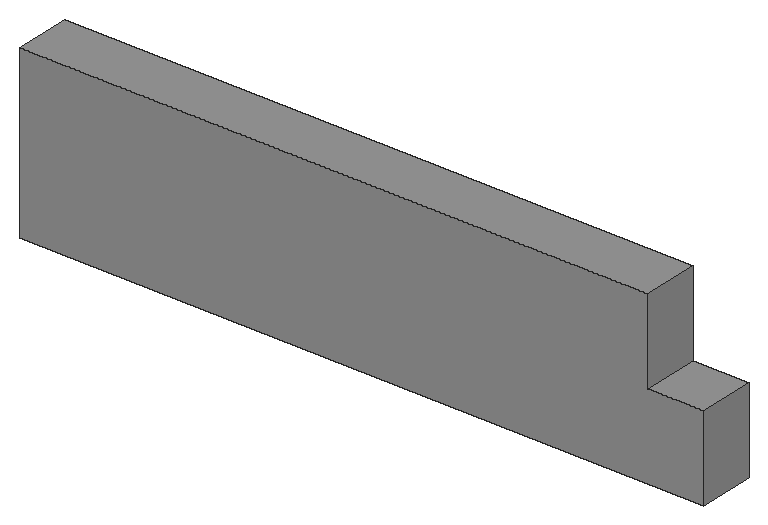
Revit family "1. Orient_PRecta_ESP", category Modelos genéricos, Revit 2015
Parameters (values of type "Stonepanel® SKY Orient")
  Ventajas de Stonepanel = "Eficaz: Instalación ágil y sencilla : 10 veces más rápido que la mampostería tradicional (Ritmo medio de colocación de 20 m2/día). Mayor rentabilidad gracias al menor desperdicio de material en obra y a la durabilidad de un producto natural frente a otros revestimientos. La colocación de los paneles no requiere mano de obra ni maquinaria especializada.\r\nSeguro: Un sistema de anclaje patentado, de acero inoxidable, que permite su instalación a más de 2 metros de altura. Base de cemento homogénea y rugosa que garantiza la adhesión y permite el corte sin desprendimiento.\r\nCalidad: Control permanente del proceso de producción desde la oficina I+D+I. Una cuidada selección de piedra natural realizada por los expertos de CUPASTONE. Disponibilidad de piezas especiales para adaptarse perfectamente a cada edificio: esquinas (macizas, rectas, dobles o para ventanas), cubremuros, y otros complementarios.\r\nEstética: Forma de “S” que evita la visión de las juntas para homogenizar el aspecto final. Gran variedad de paneles para elegir entre colores y acabados de piedra natural. La propia belleza y exclusividad de la piedra natural: Cada piedra es\r\núnica."
  Usos Indicados = "Revestimiento de Paredes exteriores e interiores en edificaciones nuevas o rehabilitaciones"
  Uniclass 2015 = "Pr_25_71_14_56 Natural stone panels"
  Uniclass 2 = "Pr_25_71_14_56 Natural stone panels"
  URL = "http://www.cupastone.es/producto/stonepanel-orient/"
  Sistema de anclaje = "Cinta perforada en acero inoxidable:\r\n- Naturaleza del acero: AISI 316 (1.4401) o AISI 304 (1.4301)\r\n- Espesor mínimo (mm) : 0,7\r\n- Ancho (mm) : 12 a 15\r\n- Diámetro del hueco (mm) : 6 ± 1\r\n\r\nTacos:\r\nLa elección de los tacos y clavijas de fijación debe ser realizada teniendo en cuenta la acción en depresión del viento (muros exteriores) y de la resistencia de los tacos en el soporte, en función de la naturaleza del soporte."
  Resistencia al fuego = "No combustible"
  Resistencia a la flexión = "-"
  Resistencia al hielo = "Sin alteraciones despues de 50 ciclos"
  Resistencia = "Buena resistencia"
  Peso = "6,5 kg"
  Oxidación = "No oxida"
  Otros datos de interés del producto = "Dispone de un anclaje para instalar a alturas superiores a 2 metros"
  Omniclass = "23-15 15 15 11"
  Número de serie = "SPZ-14R"
  NBS Reference = "45-25-45/380 Natural stone panels"
  Modelo = "Stonepanel® SKY Orient"
  Material = "Cuarcita dorada con tonalidades tierra y gris claro que conforman una combinación elegante y luminosa para proyectos tanto modernos como rústicos."
  Limpieza = "En general, los paneles no requieren mantenimiento y son auto- limpiantes, pero la eliminación de algunos tipos de marcas pueden requerir un tratamiento especializado.\r\nEn caso de suciedad anormal, la superficie puede limpiarse con una mezcla / detergente doméstico y agua caliente , aplicada con una almohadilla de limpieza adecuado o una esponja."
  Largo = 610 mm
  Impacto = "-"
  Imagen de tipo = <Ninguno>
  Formato = "610x152"
  Forma de suministro = "Los paneles se presentan en parejas, en un embalaje plástico o en cajas de cartón de 3 o 4 piezas."
  Forma = "Forma de \"s\""
  Fabricante = "Cupastone"
  Envejecimiento por cambio térmicos = "Sin alteraciones despues de 20 ciclos."
  Ensayos realizados por SINTEF = "Ensayo a los materiales de piedra, Ensayos a los paneles, Durabilidad y absorción de agua"
  Ensayos realizados por DIBt = "Adherencia entre piedra y mortero, Adherencia entre piedra y mortero tras 50 ciclos de hielo-deshielo"
  Ensayos realizados por BBA = "Resistencia a daños por heladicidad, Resistencia a choque térmico, Adherencia entre piedra y mortero, Resistencia al arrancamiento del anclaje, Resistencia a impacto"
  Ensayos realizados por Avis Technique = "Resistencia mecánica del anclaje, Resistencia mecánica de la cinta de seguridad, Ensayo de durabilidad tras la acción del agua, Ensayo de durabilidad tras la acción del hielo, Ensayo sísmico"
  Durabilidad = "Según el certificado BBA, el sistema tiene una vida de diseño superior a 30 años."
  Detalles constructivos = "Detalles de:\r\n- Instalación con perfil metálico\r\n- Instalación de Stonepanel\r\n- Instalación en muro interior\r\n- Instalación del elemento de seguridad (cinta perforada + tacos)\r\n- Esquinas entrantes\r\n- Esquinas salientes\r\n- Esquinas salientes pre-fabricadas\r\n- Esquinas salientes mediante serrado del panel\r\n- Esquinas salientes sin continuidad de Stonepanel (caso de una fachada lateral)\r\n- Bordes superiores\r\n- Sobre parapeto\r\n- Marco de vano"
  Desfase de altura = 0 mm
  Descripción = "Pieza de piedra natural montada sobre una base de cemento y reforzada con una malla de fibra de vidrio .\r\nPosee sistema de anclaje patentado, de acero inoxidable, que permite su instalación a más de 2 metros de altura"
  Densidad aparente = "77 kg/m2"
  Color secundario = "Gris"
  Color principal = "Crema"
  Certificaciones = "BBA - Reino Unido, Avis Technique - Francia, DIBt - Alemania, SINTEF - Noruega"
  Aspecto = "Contemporáneo"
  Ancho = 50 mm
  Alto = 152 mm
  Adherencia del mortero = ">1N/mm2"
  Acabado = "Natural"
  Absorción = "Baja absorción"
Types (2): name
  Stonepanel® SKY Orient
  Stonepanel® SKY Orient. 15,2 cm - 61 cm
Reference planes
  plane 1 "Muro": y = 0
  plane 2 "Centro (Izquierda/Derecha)": x = 125
  plane 3 "Posterior": y = 75
Forms (mm)
  Extrusion 1, solid, material "Stonepanel® SKY Orient"
    sketch origin (0, 160, 1120) x (1, 0, 0) y (0, 0, 1)
      loop
        line (125, -1120) -> (125, -1044) -> (75, -1044) -> (75, -968) -> (-485, -968) -> (-485, -1120) -> (125, -1120)
    from 35 to 85
Text (mm)
  text "Cara de colocación" at (-1848.837, 1116.779, 0), in view "Nivel de referencia"
  text "Cara de colocación" at (0, 1409.804, 2854.306), in view "Izquierda"
  text "Cara de colocación" at (0, 499.811, 2980.732), in view "Derecha"
Dimensions and locks
  locked: plane 3 "Posterior" to host wall
  locked: Extrusion 1 to plane 3 "Posterior" at 0
  "Ancho": Extrusion 1 to Extrusion 1
  "Largo": Extrusion 1 to Extrusion 1
  locked: Extrusion 1 to Extrusion 1 at 76
  "Desfase de altura": level to Extrusion 1
  locked: Extrusion 1 to Extrusion 1 at 50
  "Alto": Extrusion 1 to Extrusion 1
  aligned and locked: plane 1 "Muro" to host wall
Automatic sketch dimensions
  Extrusion 1 sketch curve to level = 0 mm
  Extrusion 1 sketch curve to plane 2 "Centro (Izquierda/Derecha)" = 0 mm
  Extrusion 1 sketch curve to plane 2 "Centro (Izquierda/Derecha)" = 50 mm
  level to Extrusion 1 sketch curve = 152 mm
  Extrusion 1 sketch curve to Extrusion 1 sketch curve = 560 mm
  level to Extrusion 1 sketch curve = 76 mm
